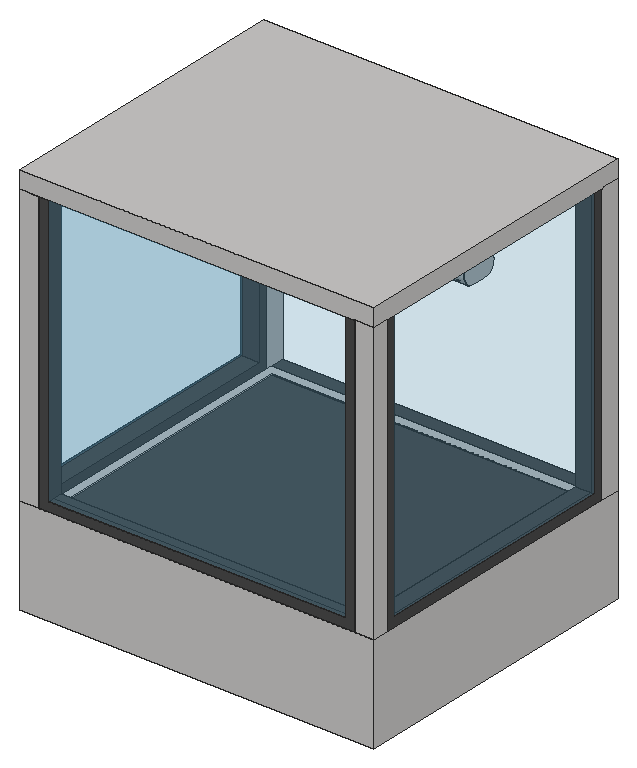
Revit family "QF_FESTIVE_DHD7", category Specialty Equipment, Revit 2020
Family settings
  Round Connector Dimension = Use Diameter
  Part Type = Normal
  Work Plane-Based = No
  Always vertical = Yes
  Cut with Voids When Loaded = No
  Shared = No
  Room Calculation Point = No
Parameters (values of type "DHD7")
  Weight in Pounds = 0
  Watts = if(Phase = 3, Volts * FL Amps * 1.73, Volts * FL Amps)  # 1078 W
  Volts = 220 V
  URL Cutsheet = ""
  Specification by User = ""
  Specification by Manufacturer = ""
  Serial Number = ""
  Seismic Rating = ""
  SMACNA No = ""
  Revision Code = ""
  Phase = 1
  Number of Poles = 1
  NAFEM Spec ID Number = ""
  Model = "DHD7"
  Min Ckt Ampacity = 0 A
  Max Overcurrent Protection = 0 A
  Masterspec = ""
  Manufacturer = "FESTIVE"
  Light Length [instance] = Length - 70 mm  # 675 mm
  Length = 745 mm
  Item Number = ""
  Installed By = ""
  Identify Quantity as Lot = yes
  Height = 830 mm
  HP = ""
  Furnished By = ""
  Foodservice Equipment Identifier = yes
  FL Amps = 4.9 A
  Electrical Remarks = ""
  Electric Connection Type = ""
  Elec Conn RI Height = 0 mm
  Elec Conn Connection Height = 0 mm
  Door Length [instance] = if(Length > 1069 mm, (Length / 2) - 80 mm, Length - 80 mm)  # 665 mm
  Description = "DEVON: HOT DECK"
  Depth = 640 mm
  Default Elevation = 0 mm
  Cycle = 50 Hz
  Conn Plug = ""
  Conn Conduit = yes
  Center Post Assembly [instance] = Length > 1069 mm  # no
  CSI MasterFormat = ""
  Apparent Power = if(Phase = 3, Volts * FL Amps * 1.73, Volts * FL Amps)  # 1078 VA
Reference planes
  plane 1 "BACK": y = 0
  plane 2: z = 0
  plane 3 "LEFT": x = 0
  plane 4 "RIGHT": x = 745
  plane 5 "FRONT": y = -640
  plane 6 "TOP": z = 830
  plane 7 "Center Y": x = 372.5
  plane 8 "Center X": y = -320
  plane 9: z = 205
Forms (mm)
  Extrusion 1, solid, material "QF_Metal - Stainless - Satin"
    sketch origin (0, 0, 0) x (0, 1, 0) y (0, 0, 1)
      loop
        line (0, 205) -> (-640, 205) -> (-640, 0) -> (0, 0) -> (0, 205)
    from 0 to 745
  Extrusion 2, solid, material "QF_Metal - Stainless - Satin"
    sketch origin (0, 0, 0) x (0, 1, 0) y (0, 0, 1)
      loop
        line (0, 793) -> (0, 830) -> (-640, 830) -> (-640, 793) -> (0, 793)
    from 0 to 745
  Extrusion 3, solid, material "QF_Metal - Stainless - Satin"
    sketch origin (0, 0, 0) x (0, 1, 0) y (0, 0, 1)
      loop
        line (0, 793) -> (-40.1, 793) -> (-40.1, 205) -> (0, 205) -> (0, 793)
    from 0 to 40.1
  Extrusion 4, solid, material "QF_Metal - Stainless - Satin"
    sketch origin (0, 0, 0) x (0, 1, 0) y (0, 0, 1)
      loop
        line (-608, 793) -> (-640, 793) -> (-640, 205) -> (-608, 205) -> (-608, 793)
    from 0 to 40.1
  Extrusion 5, solid, material "QF_Plastic - Black - Smooth"
    sketch origin (0, -640, 205) x (0, 0, -1) y (1, 0, 0)
      loop
        line (-588, 40.1) -> (0, 40.1) -> (0, 704.9) -> (-588, 704.9) -> (-588, 684.9) -> (-20, 684.9) -> (-20, 60.1) -> (-588, 60.1) -> (-588, 40.1)
    from 0 to -32
  Extrusion 6, solid, material "Glass"
    sketch origin (0, -640, 205) x (0, 0, -1) y (1, 0, 0)
      loop
        line (-588, 60.1) -> (-20, 60.1) -> (-20, 684.9) -> (-588, 684.9) -> (-588, 60.1)
    from 0 to -10
  Extrusion 7, solid, material "QF_Plastic - Black - Smooth"
    sketch origin (0, 0, 0) x (0, -1, 0) y (0, 0, 1)
      loop
        line (40.1, 793) -> (40.1, 205) -> (608, 205) -> (608, 793) -> (588, 793) -> (588, 225) -> (60.1, 225) -> (60.1, 793) -> (40.1, 793)
    from 0 to -40.1
  Extrusion 8, solid, material "QF_Plastic - Black - Smooth"
    sketch origin (745, 0, 0) x (0, -1, 0) y (0, 0, 1)
      loop
        line (40.1, 793) -> (40.1, 205) -> (608, 205) -> (608, 793) -> (588, 793) -> (588, 225) -> (60.1, 225) -> (60.1, 793) -> (40.1, 793)
    from 0 to 39.9
  Extrusion 9, solid, material "Glass"
    sketch origin (745, 0, 0) x (0, -1, 0) y (0, 0, 1)
      loop
        line (588, 793) -> (60.1, 793) -> (60.1, 225) -> (588, 225) -> (588, 793)
    from 0 to 5.1
  Extrusion 10, solid, material "Glass"
    sketch origin (0, 0, 0) x (0, 1, 0) y (0, 0, -1)
      loop
        line (-588, -793) -> (-60.1, -793) -> (-60.1, -225) -> (-588, -225) -> (-588, -793)
    from 0 to -5.1
  Extrusion 11, solid, material "QF_Metal - Stainless - Satin"
    sketch origin (0, -608, 205) x (1, 0, 0) y (0, -1, 0)
      loop
        line (40.1, -576) -> (704.9, -576) -> (704.9, 0) -> (40.1, 0) -> (40.1, -576)
      loop
        line (60.1, -556) -> (684.9, -556) -> (684.9, -20) -> (60.1, -20) -> (60.1, -556)
    from 0 to -2
  Extrusion 12, solid
    sketch origin (0, 0, 201.118) x (0, 0, 1) y (1, 0, 0)
      loop
        circle (-171.118, 56) r 10
    from 0 to 3.2
  Extrusion 13, solid, material "QF_Metal - Stainless - Satin"
    sketch origin (-325, 0, 201.118) x (0, 0, 1) y (1, 0, 0)
      loop
        line (-78.018, 922.5) -> (-196.118, 922.5) -> (-196.118, 472.5) -> (-78.018, 472.5) -> (-78.018, 922.5)
      loop
        line (-135.768, 586.65) -> (-135.768, 660.65)
        arc (-135.768, 660.65) -> (-154.018, 664.14) -> (-172.268, 660.65) r 49.458
        line (-172.268, 660.65) -> (-172.268, 586.65)
        arc (-172.268, 586.65) -> (-154.018, 583.131) -> (-135.768, 586.65) r 49.084
    from 0 to 1.5
  Extrusion 14, solid
    sketch origin (-346.25, 1.5, 201.118) x (0, 0, 1) y (1, 0, 0)
      loop
        line (-137.993, 589.375) -> (-169.993, 589.375) -> (-169.993, 575.375) -> (-137.993, 575.375) -> (-137.993, 589.375)
      loop
        line (-165.993, 586.375) -> (-165.993, 578.375) -> (-141.993, 578.375) -> (-141.993, 586.375) -> (-165.993, 586.375)
      loop
        line (-137.993, 558.95) -> (-169.993, 558.95) -> (-169.993, 544.95) -> (-137.993, 544.95) -> (-137.993, 558.95)
      loop
        line (-165.993, 555.95) -> (-165.993, 547.95) -> (-141.993, 547.95) -> (-141.993, 555.95) -> (-165.993, 555.95)
    from 0 to 1.5
  Extrusion 15, solid, material "QF_Plastic - Red - Smooth"
    sketch origin (232.125, 1.5, 59.125) x (0, 0, -1) y (0, 1, 0)
      loop
        line (0, 1.5) -> (24, 1.5) -> (24, 6.5)
        arc (24, 6.5) -> (12.085, 4.325) -> (0, 3.53) r 105.571
        line (0, 3.53) -> (0, 1.5)
    from 0 to 8
  Extrusion 16, solid, material "QF_Plastic - Black - Smooth"
    sketch origin (-26.6, 1.5, 155.795) x (0, 0, 1) y (1, 0, 0)
      loop
        arc (-90.445, 362.25) -> (-108.695, 365.858) -> (-126.945, 362.25) r 47.955
        line (-126.945, 362.25) -> (-126.945, 288.25)
        arc (-126.945, 288.25) -> (-108.695, 284.642) -> (-90.445, 288.25) r 47.955
        line (-90.445, 288.25) -> (-90.445, 362.25)
    from 0 to 1.5
  Extrusion 17, solid, material "QF_Plastic - Red - Smooth"
    sketch origin (201.7, 1.5, 59.125) x (0, 0, -1) y (0, 1, 0)
      loop
        line (0, 1.5) -> (24, 1.5) -> (24, 6.5)
        arc (24, 6.5) -> (12.085, 4.325) -> (0, 3.53) r 105.571
        line (0, 3.53) -> (0, 1.5)
    from 0 to 8
  Extrusion 18, solid, material "QF_Metal - Stainless - Satin", not visible
    sketch origin (-325, 0, 201.118) x (0, 0, 1) y (1, 0, 0)
      loop
        line (-78.018, 922.5) -> (-196.118, 922.5) -> (-196.118, 472.5) -> (-78.018, 472.5) -> (-78.018, 922.5)
      loop
        line (-135.768, 586.65) -> (-135.768, 660.65)
        arc (-135.768, 660.65) -> (-154.018, 664.14) -> (-172.268, 660.65) r 49.458
        line (-172.268, 660.65) -> (-172.268, 586.65)
        arc (-172.268, 586.65) -> (-154.018, 583.131) -> (-135.768, 586.65) r 49.084
    from 0 to 1.5
  Extrusion 19, solid, not visible
    sketch origin (-346.25, 1.5, 201.118) x (0, 0, 1) y (1, 0, 0)
      loop
        line (-137.993, 589.375) -> (-169.993, 589.375) -> (-169.993, 575.375) -> (-137.993, 575.375) -> (-137.993, 589.375)
      loop
        line (-165.993, 586.375) -> (-165.993, 578.375) -> (-141.993, 578.375) -> (-141.993, 586.375) -> (-165.993, 586.375)
      loop
        line (-137.993, 558.95) -> (-169.993, 558.95) -> (-169.993, 544.95) -> (-137.993, 544.95) -> (-137.993, 558.95)
      loop
        line (-165.993, 555.95) -> (-165.993, 547.95) -> (-141.993, 547.95) -> (-141.993, 555.95) -> (-165.993, 555.95)
    from 0 to 1.5
  Extrusion 20, solid, material "QF_Plastic - Red - Smooth", not visible
    sketch origin (232.125, 1.5, 59.125) x (0, 0, -1) y (0, 1, 0)
      loop
        line (0, 1.5) -> (24, 1.5) -> (24, 6.5)
        arc (24, 6.5) -> (12.085, 4.325) -> (0, 3.53) r 105.571
        line (0, 3.53) -> (0, 1.5)
    from 0 to 8
  Extrusion 21, solid, material "QF_Plastic - Black - Smooth", not visible
    sketch origin (-26.6, 1.5, 155.795) x (0, 0, 1) y (1, 0, 0)
      loop
        arc (-90.445, 362.25) -> (-108.695, 365.858) -> (-126.945, 362.25) r 47.955
        line (-126.945, 362.25) -> (-126.945, 288.25)
        arc (-126.945, 288.25) -> (-108.695, 284.642) -> (-90.445, 288.25) r 47.955
        line (-90.445, 288.25) -> (-90.445, 362.25)
    from 0 to 1.5
  Extrusion 22, solid, material "QF_Plastic - Red - Smooth", not visible
    sketch origin (201.7, 1.5, 59.125) x (0, 0, -1) y (0, 1, 0)
      loop
        line (0, 1.5) -> (24, 1.5) -> (24, 6.5)
        arc (24, 6.5) -> (12.085, 4.325) -> (0, 3.53) r 105.571
        line (0, 3.53) -> (0, 1.5)
    from 0 to 8
  Extrusion 23, solid, material "QF_Metal - Stainless - Satin"
    sketch origin (745, 0, 0) x (0, -1, 0) y (0, 0, 1)
      loop
        line (0, 793) -> (0, 205) -> (40.1, 205) -> (40.1, 793) -> (0, 793)
    from 0 to 39.9
  Extrusion 24, solid, material "QF_Metal - Stainless - Satin"
    sketch origin (745, 0, 0) x (0, -1, 0) y (0, 0, 1)
      loop
        line (608, 793) -> (608, 205) -> (640, 205) -> (640, 793) -> (608, 793)
    from 0 to 39.9
Lines and regions (mm)
  Split face 1
    outline origin (-26.6, 3, 155.795) x (0, 0, 1) y (1, 0, 0)
      loop
        arc (-93.945, 353.493) -> (-108.685, 356.848) -> (-123.425, 353.493) r 34.06
        line (-123.425, 353.493) -> (-123.425, 314) -> (-93.945, 314) -> (-93.945, 353.493)
  Split face 2, not visible
    outline origin (-26.6, 3, 155.795) x (0, 0, 1) y (1, 0, 0)
      loop
        arc (-93.945, 353.493) -> (-108.685, 356.848) -> (-123.425, 353.493) r 34.06
        line (-123.425, 353.493) -> (-123.425, 314) -> (-93.945, 314) -> (-93.945, 353.493)
  symbolic lines
    curve 1: line (0, 0, 0) -> (745, 0, 0)
    curve 2: line (0, -640, 0) -> (0, 0, 0)
    curve 3: line (745, -640, 0) -> (0, -640, 0)
    curve 4: line (745, 0, 0) -> (745, -640, 0)
Dimensions and locks
  equal spacing: plane 3 "LEFT", plane 7 "Center Y", plane 4 "RIGHT"
  "Length": plane 3 "LEFT" to plane 4 "RIGHT"
  equal spacing: plane 5 "FRONT", plane 8 "Center X", plane 1 "BACK"
  "Depth": plane 5 "FRONT" to plane 1 "BACK"
  "Height": plane 6 "TOP" to level
  plane 9 to plane 2 = 205 mm  (x2)
  plane 6 "TOP" to plane 9 = 625 mm  (x2)
  plane 1 "BACK" to plane 5 "FRONT" = 640 mm
  locked: Extrusion 13 to plane 7 "Center Y" at 225
  Extrusion 5 sketch curve to Extrusion 5 sketch curve to plane 4 "RIGHT" = 20 mm locked, 40.1 mm locked
  Extrusion 11 sketch curve to Extrusion 11 sketch curve to plane 4 "RIGHT" = 20 mm locked, 40.1 mm locked
  plane 3 "LEFT" to plane 4 "RIGHT" = 745 mm
  locked: nested 1 to plane 3 "LEFT" at 35
  aligned and locked: level to plane 2
  aligned and locked: Extrusion 2 to plane 4 "RIGHT"
  aligned and locked: Extrusion 1 to plane 4 "RIGHT"
Automatic sketch dimensions
  Extrusion 13 sketch curve to Extrusion 13 sketch curve = 18.25 mm  (x2)
  Extrusion 13 sketch curve to Extrusion 13 sketch curve = 0 mm
  Extrusion 13 sketch curve to Extrusion 13 sketch curve = 28.032 mm
  Extrusion 13 sketch curve to Extrusion 13 sketch curve = 17.533 mm
  Extrusion 13 sketch curve to Extrusion 13 sketch curve = 28.435 mm
  Extrusion 13 to Extrusion 14 sketch curve = 2.275 mm  (x2)
  Extrusion 14 sketch curve to Extrusion 14 sketch curve = 4 mm  (x2)
  Extrusion 13 to Extrusion 14 sketch curve = 6.225 mm  (x2)
  Extrusion 13 to Extrusion 14 sketch curve = 2.225 mm  (x2)
  Extrusion 14 sketch curve to Extrusion 13 = 51.2 mm
  Extrusion 14 sketch curve to Extrusion 14 sketch curve = 3 mm  (x4)
  Extrusion 14 sketch curve to Extrusion 14 sketch curve = 8 mm  (x2)
  Extrusion 14 sketch curve to Extrusion 14 sketch curve = 16.425 mm
  Extrusion 14 to Extrusion 15 sketch curve = 0 mm  (x2)
  Extrusion 15 sketch curve to Extrusion 14 = 0 mm
  Extrusion 15 sketch curve to Extrusion 14 = 0.881 mm
  Extrusion 15 sketch curve to Extrusion 14 = 2.03 mm
  Extrusion 15 sketch curve to Extrusion 14 = 5 mm
  Extrusion 16 sketch curve to Extrusion 16 sketch curve = 18.25 mm  (x2)
  Extrusion 16 sketch curve to Extrusion 16 sketch curve = 0 mm
  Extrusion 16 sketch curve to Extrusion 16 sketch curve = 29.654 mm  (x2)
  Extrusion 16 sketch curve to Extrusion 16 sketch curve = 14.693 mm
  Split face 1 sketch curve to Extrusion 16 = 3.52 mm
  Split face 1 sketch curve to Split face 1 sketch curve = 14.74 mm
  Split face 1 sketch curve to Extrusion 16 = 3.5 mm
  Split face 1 sketch curve to Split face 1 sketch curve = 8.787 mm
  Split face 1 sketch curve to Split face 1 sketch curve = 30.706 mm
  Extrusion 17 sketch curve to Extrusion 17 sketch curve = 24 mm
  Extrusion 17 sketch curve to Extrusion 17 sketch curve = 2.03 mm
  Extrusion 17 sketch curve to Extrusion 17 sketch curve = 5 mm
  Extrusion 13 sketch curve to Extrusion 13 sketch curve = 23.85 mm
  Extrusion 13 sketch curve to Extrusion 13 sketch curve = 118.1 mm
  Extrusion 13 sketch curve to Extrusion 13 sketch curve = 114.15 mm
  Extrusion 13 sketch curve to Extrusion 13 sketch curve = 261.85 mm
  Extrusion 17 sketch curve to Extrusion 17 sketch curve = 0.881 mm
  Extrusion 18 sketch curve to Extrusion 18 sketch curve = 18.25 mm  (x2)
  Extrusion 18 sketch curve to Extrusion 18 sketch curve = 0 mm
  Extrusion 18 sketch curve to Extrusion 18 sketch curve = 28.032 mm
  Extrusion 18 sketch curve to Extrusion 18 sketch curve = 17.533 mm
  Extrusion 18 sketch curve to Extrusion 18 sketch curve = 28.435 mm
  Extrusion 18 to Extrusion 19 sketch curve = 2.275 mm  (x2)
  Extrusion 19 sketch curve to Extrusion 19 sketch curve = 4 mm  (x2)
  Extrusion 18 to Extrusion 19 sketch curve = 6.225 mm  (x2)
  Extrusion 18 to Extrusion 19 sketch curve = 2.225 mm  (x2)
  Extrusion 19 sketch curve to Extrusion 18 = 51.2 mm
  Extrusion 19 sketch curve to Extrusion 19 sketch curve = 3 mm  (x4)
  Extrusion 19 sketch curve to Extrusion 19 sketch curve = 8 mm  (x2)
  Extrusion 19 sketch curve to Extrusion 19 sketch curve = 16.425 mm
  Extrusion 19 to Extrusion 20 sketch curve = 0 mm  (x2)
  Extrusion 20 sketch curve to Extrusion 19 = 0 mm
  Extrusion 20 sketch curve to Extrusion 19 = 0.881 mm
  Extrusion 20 sketch curve to Extrusion 19 = 2.03 mm
  Extrusion 20 sketch curve to Extrusion 19 = 5 mm
  Extrusion 21 sketch curve to Extrusion 21 sketch curve = 18.25 mm  (x2)
  Extrusion 21 sketch curve to Extrusion 21 sketch curve = 0 mm
  Extrusion 21 sketch curve to Extrusion 21 sketch curve = 29.654 mm  (x2)
  Extrusion 21 sketch curve to Extrusion 21 sketch curve = 14.693 mm
  Split face 2 sketch curve to Extrusion 21 = 3.52 mm
  Split face 2 sketch curve to Split face 2 sketch curve = 14.74 mm
  Split face 2 sketch curve to Extrusion 21 = 3.5 mm
  Split face 2 sketch curve to Split face 2 sketch curve = 8.787 mm
  Split face 2 sketch curve to Split face 2 sketch curve = 30.706 mm
  Extrusion 22 sketch curve to Extrusion 22 sketch curve = 24 mm
  Extrusion 22 sketch curve to Extrusion 22 sketch curve = 2.03 mm
  Extrusion 22 sketch curve to Extrusion 22 sketch curve = 5 mm
  Extrusion 18 sketch curve to Extrusion 18 sketch curve = 23.85 mm
  Extrusion 18 sketch curve to Extrusion 18 sketch curve = 118.1 mm
  Extrusion 18 sketch curve to Extrusion 18 sketch curve = 114.15 mm
  Extrusion 18 sketch curve to Extrusion 18 sketch curve = 261.85 mm
  Extrusion 22 sketch curve to Extrusion 22 sketch curve = 0.881 mm
  curve 3 to plane 3 "LEFT" = 0 mm
  curve 3 to plane 4 "RIGHT" = 0 mm
  plane 5 "FRONT" to curve 3 = 0 mm
  plane 1 "BACK" to curve 2 = 0 mm
  Extrusion 1 sketch curve to plane 5 "FRONT" = 0 mm
  Extrusion 1 sketch curve to level = 0 mm
  Extrusion 1 sketch curve to plane 1 "BACK" = 0 mm
  Extrusion 1 sketch curve to plane 9 = 0 mm
  Extrusion 2 sketch curve to plane 5 "FRONT" = 0 mm
  Extrusion 2 sketch curve to plane 1 "BACK" = 0 mm
  Extrusion 2 sketch curve to plane 6 "TOP" = 0 mm
  Extrusion 2 sketch curve to plane 6 "TOP" = 37 mm
  Extrusion 3 sketch curve to plane 9 = 0 mm
  Extrusion 3 sketch curve to plane 1 "BACK" = 0 mm
  Extrusion 3 sketch curve to Extrusion 3 sketch curve = 40.1 mm
  Extrusion 3 sketch curve to plane 6 "TOP" = 37 mm
  Extrusion 4 sketch curve to plane 5 "FRONT" = 0 mm
  Extrusion 4 sketch curve to plane 9 = 0 mm
  Extrusion 4 sketch curve to plane 5 "FRONT" = 32 mm
  Extrusion 4 sketch curve to plane 6 "TOP" = 37 mm
  Extrusion 5 sketch curve to Extrusion 1 = 0 mm
  Extrusion 1 to Extrusion 5 sketch curve = 20 mm
  Extrusion 1 to Extrusion 5 sketch curve = 40.1 mm
  Extrusion 5 sketch curve to Extrusion 5 sketch curve = 568 mm  (x2)
  Extrusion 5 sketch curve to Extrusion 5 sketch curve = 20 mm
  Extrusion 1 to Extrusion 6 sketch curve = 60.1 mm  (x2)
  Extrusion 1 to Extrusion 6 sketch curve = 588 mm
  Extrusion 1 to Extrusion 6 sketch curve = 20 mm
  Extrusion 3 to Extrusion 7 sketch curve = 0 mm  (x3)
  Extrusion 7 sketch curve to Extrusion 3 = 0 mm
  Extrusion 3 to Extrusion 7 sketch curve = 20 mm
  Extrusion 7 sketch curve to Extrusion 3 = 20 mm
  Extrusion 7 sketch curve to Extrusion 7 sketch curve = 527.9 mm
  Extrusion 7 sketch curve to Extrusion 7 sketch curve = 20 mm
  Extrusion 8 sketch curve to plane 9 = 0 mm
  plane 1 "BACK" to Extrusion 8 sketch curve = 40.1 mm
  Extrusion 8 sketch curve to Extrusion 8 sketch curve = 20 mm  (x2)
  plane 9 to Extrusion 8 sketch curve = 20 mm
  Extrusion 8 sketch curve to plane 5 "FRONT" = 52 mm
  Extrusion 8 sketch curve to plane 6 "TOP" = 37 mm  (x2)
  plane 1 "BACK" to Extrusion 9 sketch curve = 60.1 mm
  plane 9 to Extrusion 9 sketch curve = 20 mm
  Extrusion 9 sketch curve to plane 5 "FRONT" = 52 mm
  Extrusion 9 sketch curve to plane 6 "TOP" = 37 mm
  plane 9 to Extrusion 10 sketch curve = 20 mm
  Extrusion 10 sketch curve to plane 5 "FRONT" = 52 mm
  plane 1 "BACK" to Extrusion 10 sketch curve = 60.1 mm
  Extrusion 10 sketch curve to plane 6 "TOP" = 37 mm
  Extrusion 11 sketch curve to Extrusion 7 = 0 mm  (x2)
  Extrusion 7 to Extrusion 11 sketch curve = 20 mm  (x2)
  Extrusion 11 sketch curve to Extrusion 7 = 11.9 mm
  Extrusion 7 to Extrusion 11 sketch curve = 8.1 mm
  level to Extrusion 12 sketch curve = 30 mm
  plane 3 "LEFT" to Extrusion 12 sketch curve = 56 mm
  Extrusion 23 sketch curve to plane 1 "BACK" = 0 mm
  Extrusion 23 sketch curve to plane 9 = 0 mm
  Extrusion 23 sketch curve to Extrusion 23 sketch curve = 40.1 mm
  Extrusion 23 sketch curve to plane 6 "TOP" = 37 mm
  Extrusion 24 sketch curve to plane 9 = 0 mm
  Extrusion 24 sketch curve to plane 5 "FRONT" = 0 mm
  Extrusion 24 sketch curve to plane 5 "FRONT" = 32 mm
  Extrusion 24 sketch curve to plane 6 "TOP" = 37 mm
  radius of Extrusion 12 sketch curve = 10 mm
Nested families
  nested 1: "LIGHTS" at (35, -282.344, 0), type "LIGHTS"
Connectors
  electrical at (56, 3.2, 30), driven by "Volts", driven by "Watts"
    settings: on Extrusion 12, index 1, voltage 220 V, apparent load 1078 VA, apparent load phase1 0 VA, apparent load phase2 0 VA, apparent load phase3 0 VA, power factor 1, load classification "Other", number of poles 1, system type 30, power factor state 1, is connector primary yes, connector utility no, sub classification motor no, connector description "ELECTRICAL CONNECTION"
Definition of nested family "LIGHTS"
  Parameters (values of type "LIGHTS")
    Weight in Pounds = 0
    Watts = if(Phase = 3, Volts * FL Amps * 1.73, Volts * FL Amps)  # 1078 W
    Volts = 220 V
    URL Cutsheet = ""
    Specification by User = ""
    Specification by Manufacturer = ""
    Serial Number = ""
    Seismic Rating = ""
    SMACNA No = ""
    Revision Code = ""
    Phase = 1
    Number of Poles = 1
    NAFEM Spec ID Number = ""
    Model = "DHD7"
    Min Ckt Ampacity = 0 A
    Max Overcurrent Protection = 0 A
    Masterspec = ""
    Manufacturer = "FESTIVE"
    Length = 675 mm
    Item Number = ""
    Installed By = ""
    Identify Quantity as Lot = yes
    Height = 830 mm
    HP = ""
    Furnished By = ""
    Foodservice Equipment Identifier = yes
    FL Amps = 4.9 A  # constant formula
    Electrical Remarks = ""
    Electric Connection Type = ""
    Elec Conn RI Height = 0 mm
    Elec Conn Connection Height = 0 mm
    Description = "DEVON: HOT DECK"
    Depth = 75.193 mm
    Default Elevation = 0 mm
    Cycle = 50 Hz
    Conn Plug = ""
    Conn Conduit = yes
    CSI MasterFormat = ""
    Apparent Power = if(Phase = 3, Volts * FL Amps * 1.73, Volts * FL Amps)  # 1078 VA
  Reference planes
    plane 1 "BACK": y = 0
    plane 2: z = 0
    plane 3 "LEFT": x = 0
    plane 4 "RIGHT": x = 675
    plane 5 "FRONT": y = -75.193
    plane 6 "TOP": z = 830
    plane 7 "Center Y": x = 337.5
    plane 8 "Center X": y = -37.596
    plane 9: z = 205
    plane 10: x = 464.5
    plane 11: x = 210.5
  Forms (mm)
    Extrusion 1, solid
      sketch origin (-60.1, 282.404, 0) x (0, 1, 0) y (0, 0, 1)
        loop
          arc (-295, 792.076) -> (-295.856, 794.144) -> (-297.924, 795) r 2.924
          line (-297.924, 795) -> (-342.076, 795)
          arc (-342.076, 795) -> (-344.144, 794.144) -> (-345, 792.076) r 2.924
          line (-345, 792.076) -> (-345, 776.085)
          arc (-345, 776.085) -> (-357.596, 753.232) -> (-345, 730.378) r 27.029
          arc (-345, 730.378) -> (-320, 727.581) -> (-295, 730.378) r 113.108
          arc (-295, 730.378) -> (-282.404, 753.232) -> (-295, 776.085) r 27.029
          line (-295, 776.085) -> (-295, 792.076)
        loop
          arc (-298.5, 786) -> (-298.793, 786.707) -> (-299.5, 787) r 1
          line (-299.5, 787) -> (-301.5, 787)
          arc (-301.5, 787) -> (-302.207, 786.707) -> (-302.5, 786) r 1
          line (-302.5, 786) -> (-302.5, 774)
          arc (-302.5, 774) -> (-302.207, 773.293) -> (-301.5, 773) r 1
          line (-301.5, 773) -> (-299.5, 773)
          arc (-299.5, 773) -> (-298.793, 773.293) -> (-298.5, 774) r 1
          line (-298.5, 774) -> (-298.5, 786)
        loop
          arc (-305, 786) -> (-305.293, 786.707) -> (-306, 787) r 1
          line (-306, 787) -> (-308, 787)
          arc (-308, 787) -> (-308.707, 786.707) -> (-309, 786) r 1
          line (-309, 786) -> (-309, 774)
          arc (-309, 774) -> (-308.707, 773.293) -> (-308, 773) r 1
          line (-308, 773) -> (-306, 773)
          arc (-306, 773) -> (-305.293, 773.293) -> (-305, 774) r 1
          line (-305, 774) -> (-305, 786)
        loop
          arc (-311.5, 786) -> (-311.793, 786.707) -> (-312.5, 787) r 1
          line (-312.5, 787) -> (-314.5, 787)
          arc (-314.5, 787) -> (-315.207, 786.707) -> (-315.5, 786) r 1
          line (-315.5, 786) -> (-315.5, 774)
          arc (-315.5, 774) -> (-315.207, 773.293) -> (-314.5, 773) r 1
          line (-314.5, 773) -> (-312.5, 773)
          arc (-312.5, 773) -> (-311.793, 773.293) -> (-311.5, 774) r 1
          line (-311.5, 774) -> (-311.5, 786)
        loop
          arc (-318, 786) -> (-318.293, 786.707) -> (-319, 787) r 1
          line (-319, 787) -> (-321, 787)
          arc (-321, 787) -> (-321.707, 786.707) -> (-322, 786) r 1
          line (-322, 786) -> (-322, 774)
          arc (-322, 774) -> (-321.707, 773.293) -> (-321, 773) r 1
          line (-321, 773) -> (-319, 773)
          arc (-319, 773) -> (-318.293, 773.293) -> (-318, 774) r 1
          line (-318, 774) -> (-318, 786)
        loop
          arc (-324.5, 786) -> (-324.793, 786.707) -> (-325.5, 787) r 1
          line (-325.5, 787) -> (-327.5, 787)
          arc (-327.5, 787) -> (-328.207, 786.707) -> (-328.5, 786) r 1
          line (-328.5, 786) -> (-328.5, 774)
          arc (-328.5, 774) -> (-328.207, 773.293) -> (-327.5, 773) r 1
          line (-327.5, 773) -> (-325.5, 773)
          arc (-325.5, 773) -> (-324.793, 773.293) -> (-324.5, 774) r 1
          line (-324.5, 774) -> (-324.5, 786)
        loop
          arc (-331, 786) -> (-331.293, 786.707) -> (-332, 787) r 1
          line (-332, 787) -> (-334, 787)
          arc (-334, 787) -> (-334.707, 786.707) -> (-335, 786) r 1
          line (-335, 786) -> (-335, 774)
          arc (-335, 774) -> (-334.707, 773.293) -> (-334, 773) r 1
          line (-334, 773) -> (-332, 773)
          arc (-332, 773) -> (-331.293, 773.293) -> (-331, 774) r 1
          line (-331, 774) -> (-331, 786)
        loop
          arc (-337.5, 786) -> (-337.793, 786.707) -> (-338.5, 787) r 1
          line (-338.5, 787) -> (-340.5, 787)
          arc (-340.5, 787) -> (-341.207, 786.707) -> (-341.5, 786) r 1
          line (-341.5, 786) -> (-341.5, 774)
          arc (-341.5, 774) -> (-341.207, 773.293) -> (-340.5, 773) r 1
          line (-340.5, 773) -> (-338.5, 773)
          arc (-338.5, 773) -> (-337.793, 773.293) -> (-337.5, 774) r 1
          line (-337.5, 774) -> (-337.5, 786)
      from 60.1 to 62
    Extrusion 2, solid
      sketch origin (1.9, 282.404, 0) x (0, 1, 0) y (0, 0, 1)
        loop
          arc (-295, 792.076) -> (-295.856, 794.144) -> (-297.924, 795) r 2.924
          line (-297.924, 795) -> (-342.076, 795)
          arc (-342.076, 795) -> (-344.144, 794.144) -> (-345, 792.076) r 2.924
          line (-345, 792.076) -> (-345, 776.085)
          arc (-345, 776.085) -> (-357.596, 753.232) -> (-345, 730.378) r 27.029
          line (-345, 730.378) -> (-344.466, 731.224)
          arc (-344.466, 731.224) -> (-356.596, 753.232) -> (-344.466, 775.239) r 26.029
          line (-344.466, 775.239) -> (-295.534, 775.239)
          arc (-295.534, 775.239) -> (-283.404, 753.232) -> (-295.534, 731.224) r 26.029
          line (-295.534, 731.224) -> (-295, 730.378)
          arc (-295, 730.378) -> (-282.404, 753.232) -> (-295, 776.085) r 27.029
          line (-295, 776.085) -> (-295, 792.076)
      from 0 to 671.1
    Extrusion 3, solid
      sketch origin (1.9, 282.404, 0) x (0, 1, 0) y (0, 0, 1)
        loop
          line (-295.534, 775.239) -> (-344.466, 775.239)
          arc (-344.466, 775.239) -> (-356.596, 753.232) -> (-344.466, 731.224) r 26.029
          line (-344.466, 731.224) -> (-295.534, 731.224)
          arc (-295.534, 731.224) -> (-283.404, 753.232) -> (-295.534, 775.239) r 26.029
      from 0 to 208.6
    Extrusion 4, solid
      sketch origin (286.9, 282.404, 0) x (0, 1, 0) y (0, 0, 1)
        loop
          line (-295.534, 775.239) -> (-344.466, 775.239)
          arc (-344.466, 775.239) -> (-356.596, 753.232) -> (-344.466, 731.224) r 26.029
          line (-344.466, 731.224) -> (-295.534, 731.224)
          arc (-295.534, 731.224) -> (-283.404, 753.232) -> (-295.534, 775.239) r 26.029
      from 177.6 to 386.1
    Extrusion 5, solid
      sketch origin (431.4, 282.404, 0) x (0, 1, 0) y (0, 0, 1)
        loop
          circle (-320.06, 740.619) r 8.038
      from -220.9 to 33.1
    Extrusion 6, solid, not visible
      sketch origin (-325, 0, 201.118) x (0, 0, 1) y (1, 0, 0)
        loop
          line (-78.018, 922.5) -> (-196.118, 922.5) -> (-196.118, 472.5) -> (-78.018, 472.5) -> (-78.018, 922.5)
        loop
          line (-135.768, 586.65) -> (-135.768, 660.65)
          arc (-135.768, 660.65) -> (-154.018, 664.14) -> (-172.268, 660.65) r 49.458
          line (-172.268, 660.65) -> (-172.268, 586.65)
          arc (-172.268, 586.65) -> (-154.018, 583.131) -> (-135.768, 586.65) r 49.084
      from 0 to 1.5
    Extrusion 7, solid, not visible
      sketch origin (-346.25, 1.5, 201.118) x (0, 0, 1) y (1, 0, 0)
        loop
          line (-137.993, 589.375) -> (-169.993, 589.375) -> (-169.993, 575.375) -> (-137.993, 575.375) -> (-137.993, 589.375)
        loop
          line (-165.993, 586.375) -> (-165.993, 578.375) -> (-141.993, 578.375) -> (-141.993, 586.375) -> (-165.993, 586.375)
        loop
          line (-137.993, 558.95) -> (-169.993, 558.95) -> (-169.993, 544.95) -> (-137.993, 544.95) -> (-137.993, 558.95)
        loop
          line (-165.993, 555.95) -> (-165.993, 547.95) -> (-141.993, 547.95) -> (-141.993, 555.95) -> (-165.993, 555.95)
      from 0 to 1.5
    Extrusion 8, solid, not visible
      sketch origin (232.125, 1.5, 59.125) x (0, 0, -1) y (0, 1, 0)
        loop
          line (0, 1.5) -> (24, 1.5) -> (24, 6.5)
          arc (24, 6.5) -> (12.085, 4.325) -> (0, 3.53) r 105.571
          line (0, 3.53) -> (0, 1.5)
      from 0 to 8
    Extrusion 9, solid, not visible
      sketch origin (-26.6, 1.5, 155.795) x (0, 0, 1) y (1, 0, 0)
        loop
          arc (-90.445, 362.25) -> (-108.695, 365.858) -> (-126.945, 362.25) r 47.955
          line (-126.945, 362.25) -> (-126.945, 288.25)
          arc (-126.945, 288.25) -> (-108.695, 284.642) -> (-90.445, 288.25) r 47.955
          line (-90.445, 288.25) -> (-90.445, 362.25)
      from 0 to 1.5
    Extrusion 10, solid, not visible
      sketch origin (201.7, 1.5, 59.125) x (0, 0, -1) y (0, 1, 0)
        loop
          line (0, 1.5) -> (24, 1.5) -> (24, 6.5)
          arc (24, 6.5) -> (12.085, 4.325) -> (0, 3.53) r 105.571
          line (0, 3.53) -> (0, 1.5)
      from 0 to 8
    Extrusion 11, solid, not visible
      sketch origin (1070, 0, 0) x (0, 1, 0) y (0, 0, -1)
        loop
          line (-295, -792.076) -> (-295, -776.085)
          arc (-295, -776.085) -> (-282.404, -753.232) -> (-295, -730.378) r 27.029
          arc (-295, -730.378) -> (-320, -727.581) -> (-345, -730.378) r 113.108
          arc (-345, -730.378) -> (-357.596, -753.232) -> (-345, -776.085) r 27.029
          line (-345, -776.085) -> (-345, -792.076)
          arc (-345, -792.076) -> (-344.144, -794.144) -> (-342.076, -795) r 2.924
          line (-342.076, -795) -> (-297.924, -795)
          arc (-297.924, -795) -> (-295.856, -794.144) -> (-295, -792.076) r 2.924
        loop
          line (-298.5, -786) -> (-298.5, -774)
          arc (-298.5, -774) -> (-298.793, -773.293) -> (-299.5, -773) r 1
          line (-299.5, -773) -> (-301.5, -773)
          arc (-301.5, -773) -> (-302.207, -773.293) -> (-302.5, -774) r 1
          line (-302.5, -774) -> (-302.5, -786)
          arc (-302.5, -786) -> (-302.207, -786.707) -> (-301.5, -787) r 1
          line (-301.5, -787) -> (-299.5, -787)
          arc (-299.5, -787) -> (-298.793, -786.707) -> (-298.5, -786) r 1
        loop
          line (-305, -786) -> (-305, -774)
          arc (-305, -774) -> (-305.293, -773.293) -> (-306, -773) r 1
          line (-306, -773) -> (-308, -773)
          arc (-308, -773) -> (-308.707, -773.293) -> (-309, -774) r 1
          line (-309, -774) -> (-309, -786)
          arc (-309, -786) -> (-308.707, -786.707) -> (-308, -787) r 1
          line (-308, -787) -> (-306, -787)
          arc (-306, -787) -> (-305.293, -786.707) -> (-305, -786) r 1
        loop
          line (-311.5, -786) -> (-311.5, -774)
          arc (-311.5, -774) -> (-311.793, -773.293) -> (-312.5, -773) r 1
          line (-312.5, -773) -> (-314.5, -773)
          arc (-314.5, -773) -> (-315.207, -773.293) -> (-315.5, -774) r 1
          line (-315.5, -774) -> (-315.5, -786)
          arc (-315.5, -786) -> (-315.207, -786.707) -> (-314.5, -787) r 1
          line (-314.5, -787) -> (-312.5, -787)
          arc (-312.5, -787) -> (-311.793, -786.707) -> (-311.5, -786) r 1
        loop
          line (-318, -786) -> (-318, -774)
          arc (-318, -774) -> (-318.293, -773.293) -> (-319, -773) r 1
          line (-319, -773) -> (-321, -773)
          arc (-321, -773) -> (-321.707, -773.293) -> (-322, -774) r 1
          line (-322, -774) -> (-322, -786)
          arc (-322, -786) -> (-321.707, -786.707) -> (-321, -787) r 1
          line (-321, -787) -> (-319, -787)
          arc (-319, -787) -> (-318.293, -786.707) -> (-318, -786) r 1
        loop
          line (-324.5, -786) -> (-324.5, -774)
          arc (-324.5, -774) -> (-324.793, -773.293) -> (-325.5, -773) r 1
          line (-325.5, -773) -> (-327.5, -773)
          arc (-327.5, -773) -> (-328.207, -773.293) -> (-328.5, -774) r 1
          line (-328.5, -774) -> (-328.5, -786)
          arc (-328.5, -786) -> (-328.207, -786.707) -> (-327.5, -787) r 1
          line (-327.5, -787) -> (-325.5, -787)
          arc (-325.5, -787) -> (-324.793, -786.707) -> (-324.5, -786) r 1
        loop
          line (-331, -786) -> (-331, -774)
          arc (-331, -774) -> (-331.293, -773.293) -> (-332, -773) r 1
          line (-332, -773) -> (-334, -773)
          arc (-334, -773) -> (-334.707, -773.293) -> (-335, -774) r 1
          line (-335, -774) -> (-335, -786)
          arc (-335, -786) -> (-334.707, -786.707) -> (-334, -787) r 1
          line (-334, -787) -> (-332, -787)
          arc (-332, -787) -> (-331.293, -786.707) -> (-331, -786) r 1
        loop
          line (-337.5, -786) -> (-337.5, -774)
          arc (-337.5, -774) -> (-337.793, -773.293) -> (-338.5, -773) r 1
          line (-338.5, -773) -> (-340.5, -773)
          arc (-340.5, -773) -> (-341.207, -773.293) -> (-341.5, -774) r 1
          line (-341.5, -774) -> (-341.5, -786)
          arc (-341.5, -786) -> (-341.207, -786.707) -> (-340.5, -787) r 1
          line (-340.5, -787) -> (-338.5, -787)
          arc (-338.5, -787) -> (-337.793, -786.707) -> (-337.5, -786) r 1
      from 360 to 362
    Extrusion 12, solid, not visible
      sketch origin (-25.1, 0, 0) x (0, 1, 0) y (0, 0, 1)
        loop
          arc (-295, 792.076) -> (-295.856, 794.144) -> (-297.924, 795) r 2.924
          line (-297.924, 795) -> (-342.076, 795)
          arc (-342.076, 795) -> (-344.144, 794.144) -> (-345, 792.076) r 2.924
          line (-345, 792.076) -> (-345, 776.085)
          arc (-345, 776.085) -> (-357.596, 753.232) -> (-345, 730.378) r 27.029
          arc (-345, 730.378) -> (-320, 727.581) -> (-295, 730.378) r 113.108
          arc (-295, 730.378) -> (-282.404, 753.232) -> (-295, 776.085) r 27.029
          line (-295, 776.085) -> (-295, 792.076)
        loop
          arc (-298.5, 786) -> (-298.793, 786.707) -> (-299.5, 787) r 1
          line (-299.5, 787) -> (-301.5, 787)
          arc (-301.5, 787) -> (-302.207, 786.707) -> (-302.5, 786) r 1
          line (-302.5, 786) -> (-302.5, 774)
          arc (-302.5, 774) -> (-302.207, 773.293) -> (-301.5, 773) r 1
          line (-301.5, 773) -> (-299.5, 773)
          arc (-299.5, 773) -> (-298.793, 773.293) -> (-298.5, 774) r 1
          line (-298.5, 774) -> (-298.5, 786)
        loop
          arc (-305, 786) -> (-305.293, 786.707) -> (-306, 787) r 1
          line (-306, 787) -> (-308, 787)
          arc (-308, 787) -> (-308.707, 786.707) -> (-309, 786) r 1
          line (-309, 786) -> (-309, 774)
          arc (-309, 774) -> (-308.707, 773.293) -> (-308, 773) r 1
          line (-308, 773) -> (-306, 773)
          arc (-306, 773) -> (-305.293, 773.293) -> (-305, 774) r 1
          line (-305, 774) -> (-305, 786)
        loop
          arc (-311.5, 786) -> (-311.793, 786.707) -> (-312.5, 787) r 1
          line (-312.5, 787) -> (-314.5, 787)
          arc (-314.5, 787) -> (-315.207, 786.707) -> (-315.5, 786) r 1
          line (-315.5, 786) -> (-315.5, 774)
          arc (-315.5, 774) -> (-315.207, 773.293) -> (-314.5, 773) r 1
          line (-314.5, 773) -> (-312.5, 773)
          arc (-312.5, 773) -> (-311.793, 773.293) -> (-311.5, 774) r 1
          line (-311.5, 774) -> (-311.5, 786)
        loop
          arc (-318, 786) -> (-318.293, 786.707) -> (-319, 787) r 1
          line (-319, 787) -> (-321, 787)
          arc (-321, 787) -> (-321.707, 786.707) -> (-322, 786) r 1
          line (-322, 786) -> (-322, 774)
          arc (-322, 774) -> (-321.707, 773.293) -> (-321, 773) r 1
          line (-321, 773) -> (-319, 773)
          arc (-319, 773) -> (-318.293, 773.293) -> (-318, 774) r 1
          line (-318, 774) -> (-318, 786)
        loop
          arc (-324.5, 786) -> (-324.793, 786.707) -> (-325.5, 787) r 1
          line (-325.5, 787) -> (-327.5, 787)
          arc (-327.5, 787) -> (-328.207, 786.707) -> (-328.5, 786) r 1
          line (-328.5, 786) -> (-328.5, 774)
          arc (-328.5, 774) -> (-328.207, 773.293) -> (-327.5, 773) r 1
          line (-327.5, 773) -> (-325.5, 773)
          arc (-325.5, 773) -> (-324.793, 773.293) -> (-324.5, 774) r 1
          line (-324.5, 774) -> (-324.5, 786)
        loop
          arc (-331, 786) -> (-331.293, 786.707) -> (-332, 787) r 1
          line (-332, 787) -> (-334, 787)
          arc (-334, 787) -> (-334.707, 786.707) -> (-335, 786) r 1
          line (-335, 786) -> (-335, 774)
          arc (-335, 774) -> (-334.707, 773.293) -> (-334, 773) r 1
          line (-334, 773) -> (-332, 773)
          arc (-332, 773) -> (-331.293, 773.293) -> (-331, 774) r 1
          line (-331, 774) -> (-331, 786)
        loop
          arc (-337.5, 786) -> (-337.793, 786.707) -> (-338.5, 787) r 1
          line (-338.5, 787) -> (-340.5, 787)
          arc (-340.5, 787) -> (-341.207, 786.707) -> (-341.5, 786) r 1
          line (-341.5, 786) -> (-341.5, 774)
          arc (-341.5, 774) -> (-341.207, 773.293) -> (-340.5, 773) r 1
          line (-340.5, 773) -> (-338.5, 773)
          arc (-338.5, 773) -> (-337.793, 773.293) -> (-337.5, 774) r 1
          line (-337.5, 774) -> (-337.5, 786)
      from 60.1 to 62
    Extrusion 13, solid, not visible
      sketch origin (36.9, 0, 0) x (0, 1, 0) y (0, 0, 1)
        loop
          arc (-295, 792.076) -> (-295.856, 794.144) -> (-297.924, 795) r 2.924
          line (-297.924, 795) -> (-342.076, 795)
          arc (-342.076, 795) -> (-344.144, 794.144) -> (-345, 792.076) r 2.924
          line (-345, 792.076) -> (-345, 776.085)
          arc (-345, 776.085) -> (-357.596, 753.232) -> (-345, 730.378) r 27.029
          line (-345, 730.378) -> (-344.466, 731.224)
          arc (-344.466, 731.224) -> (-356.596, 753.232) -> (-344.466, 775.239) r 26.029
          line (-344.466, 775.239) -> (-295.534, 775.239)
          arc (-295.534, 775.239) -> (-283.404, 753.232) -> (-295.534, 731.224) r 26.029
          line (-295.534, 731.224) -> (-295, 730.378)
          arc (-295, 730.378) -> (-282.404, 753.232) -> (-295, 776.085) r 27.029
          line (-295, 776.085) -> (-295, 792.076)
      from 0 to 671.1
    Extrusion 14, solid, not visible
      sketch origin (1070, 0, 0) x (0, 1, 0) y (0, 0, -1)
        loop
          line (-295, -792.076) -> (-295, -776.085)
          arc (-295, -776.085) -> (-282.404, -753.232) -> (-295, -730.378) r 27.029
          arc (-295, -730.378) -> (-320, -727.581) -> (-345, -730.378) r 113.108
          arc (-345, -730.378) -> (-357.596, -753.232) -> (-345, -776.085) r 27.029
          line (-345, -776.085) -> (-345, -792.076)
          arc (-345, -792.076) -> (-344.144, -794.144) -> (-342.076, -795) r 2.924
          line (-342.076, -795) -> (-297.924, -795)
          arc (-297.924, -795) -> (-295.856, -794.144) -> (-295, -792.076) r 2.924
        loop
          line (-298.5, -786) -> (-298.5, -774)
          arc (-298.5, -774) -> (-298.793, -773.293) -> (-299.5, -773) r 1
          line (-299.5, -773) -> (-301.5, -773)
          arc (-301.5, -773) -> (-302.207, -773.293) -> (-302.5, -774) r 1
          line (-302.5, -774) -> (-302.5, -786)
          arc (-302.5, -786) -> (-302.207, -786.707) -> (-301.5, -787) r 1
          line (-301.5, -787) -> (-299.5, -787)
          arc (-299.5, -787) -> (-298.793, -786.707) -> (-298.5, -786) r 1
        loop
          line (-305, -786) -> (-305, -774)
          arc (-305, -774) -> (-305.293, -773.293) -> (-306, -773) r 1
          line (-306, -773) -> (-308, -773)
          arc (-308, -773) -> (-308.707, -773.293) -> (-309, -774) r 1
          line (-309, -774) -> (-309, -786)
          arc (-309, -786) -> (-308.707, -786.707) -> (-308, -787) r 1
          line (-308, -787) -> (-306, -787)
          arc (-306, -787) -> (-305.293, -786.707) -> (-305, -786) r 1
        loop
          line (-311.5, -786) -> (-311.5, -774)
          arc (-311.5, -774) -> (-311.793, -773.293) -> (-312.5, -773) r 1
          line (-312.5, -773) -> (-314.5, -773)
          arc (-314.5, -773) -> (-315.207, -773.293) -> (-315.5, -774) r 1
          line (-315.5, -774) -> (-315.5, -786)
          arc (-315.5, -786) -> (-315.207, -786.707) -> (-314.5, -787) r 1
          line (-314.5, -787) -> (-312.5, -787)
          arc (-312.5, -787) -> (-311.793, -786.707) -> (-311.5, -786) r 1
        loop
          line (-318, -786) -> (-318, -774)
          arc (-318, -774) -> (-318.293, -773.293) -> (-319, -773) r 1
          line (-319, -773) -> (-321, -773)
          arc (-321, -773) -> (-321.707, -773.293) -> (-322, -774) r 1
          line (-322, -774) -> (-322, -786)
          arc (-322, -786) -> (-321.707, -786.707) -> (-321, -787) r 1
          line (-321, -787) -> (-319, -787)
          arc (-319, -787) -> (-318.293, -786.707) -> (-318, -786) r 1
        loop
          line (-324.5, -786) -> (-324.5, -774)
          arc (-324.5, -774) -> (-324.793, -773.293) -> (-325.5, -773) r 1
          line (-325.5, -773) -> (-327.5, -773)
          arc (-327.5, -773) -> (-328.207, -773.293) -> (-328.5, -774) r 1
          line (-328.5, -774) -> (-328.5, -786)
          arc (-328.5, -786) -> (-328.207, -786.707) -> (-327.5, -787) r 1
          line (-327.5, -787) -> (-325.5, -787)
          arc (-325.5, -787) -> (-324.793, -786.707) -> (-324.5, -786) r 1
        loop
          line (-331, -786) -> (-331, -774)
          arc (-331, -774) -> (-331.293, -773.293) -> (-332, -773) r 1
          line (-332, -773) -> (-334, -773)
          arc (-334, -773) -> (-334.707, -773.293) -> (-335, -774) r 1
          line (-335, -774) -> (-335, -786)
          arc (-335, -786) -> (-334.707, -786.707) -> (-334, -787) r 1
          line (-334, -787) -> (-332, -787)
          arc (-332, -787) -> (-331.293, -786.707) -> (-331, -786) r 1
        loop
          line (-337.5, -786) -> (-337.5, -774)
          arc (-337.5, -774) -> (-337.793, -773.293) -> (-338.5, -773) r 1
          line (-338.5, -773) -> (-340.5, -773)
          arc (-340.5, -773) -> (-341.207, -773.293) -> (-341.5, -774) r 1
          line (-341.5, -774) -> (-341.5, -786)
          arc (-341.5, -786) -> (-341.207, -786.707) -> (-340.5, -787) r 1
          line (-340.5, -787) -> (-338.5, -787)
          arc (-338.5, -787) -> (-337.793, -786.707) -> (-337.5, -786) r 1
      from 360 to 362
    Extrusion 15, solid, not visible
      sketch origin (36.9, 0, 0) x (0, 1, 0) y (0, 0, 1)
        loop
          line (-295.534, 775.239) -> (-344.466, 775.239)
          arc (-344.466, 775.239) -> (-356.596, 753.232) -> (-344.466, 731.224) r 26.029
          line (-344.466, 731.224) -> (-295.534, 731.224)
          arc (-295.534, 731.224) -> (-283.404, 753.232) -> (-295.534, 775.239) r 26.029
      from 0 to 208.6
    Extrusion 16, solid, not visible
      sketch origin (321.9, 0, 0) x (0, 1, 0) y (0, 0, 1)
        loop
          line (-295.534, 775.239) -> (-344.466, 775.239)
          arc (-344.466, 775.239) -> (-356.596, 753.232) -> (-344.466, 731.224) r 26.029
          line (-344.466, 731.224) -> (-295.534, 731.224)
          arc (-295.534, 731.224) -> (-283.404, 753.232) -> (-295.534, 775.239) r 26.029
      from 177.6 to 386.1
    Extrusion 17, solid, not visible
      sketch origin (466.4, 0, 0) x (0, 1, 0) y (0, 0, 1)
        loop
          circle (-320.06, 740.619) r 8.038
      from -185.137 to 33.1
    Extrusion 18, solid
      sketch origin (675, 0, 0) x (0, -1, 0) y (0, 0, 1)
        loop
          line (12.596, 792.076) -> (12.596, 776.085)
          arc (12.596, 776.085) -> (0, 753.232) -> (12.596, 730.378) r 27.029
          arc (12.596, 730.378) -> (37.596, 727.581) -> (62.596, 730.378) r 113.108
          arc (62.596, 730.378) -> (75.193, 753.232) -> (62.596, 776.085) r 27.029
          line (62.596, 776.085) -> (62.596, 792.076)
          arc (62.596, 792.076) -> (61.74, 794.144) -> (59.672, 795) r 2.924
          line (59.672, 795) -> (15.52, 795)
          arc (15.52, 795) -> (13.453, 794.144) -> (12.596, 792.076) r 2.924
        loop
          line (16.096, 786) -> (16.096, 774)
          arc (16.096, 774) -> (16.389, 773.293) -> (17.096, 773) r 1
          line (17.096, 773) -> (19.096, 773)
          arc (19.096, 773) -> (19.804, 773.293) -> (20.096, 774) r 1
          line (20.096, 774) -> (20.096, 786)
          arc (20.096, 786) -> (19.804, 786.707) -> (19.096, 787) r 1
          line (19.096, 787) -> (17.096, 787)
          arc (17.096, 787) -> (16.389, 786.707) -> (16.096, 786) r 1
        loop
          line (22.596, 786) -> (22.596, 774)
          arc (22.596, 774) -> (22.889, 773.293) -> (23.596, 773) r 1
          line (23.596, 773) -> (25.596, 773)
          arc (25.596, 773) -> (26.304, 773.293) -> (26.596, 774) r 1
          line (26.596, 774) -> (26.596, 786)
          arc (26.596, 786) -> (26.304, 786.707) -> (25.596, 787) r 1
          line (25.596, 787) -> (23.596, 787)
          arc (23.596, 787) -> (22.889, 786.707) -> (22.596, 786) r 1
        loop
          line (29.096, 786) -> (29.096, 774)
          arc (29.096, 774) -> (29.389, 773.293) -> (30.096, 773) r 1
          line (30.096, 773) -> (32.096, 773)
          arc (32.096, 773) -> (32.804, 773.293) -> (33.096, 774) r 1
          line (33.096, 774) -> (33.096, 786)
          arc (33.096, 786) -> (32.804, 786.707) -> (32.096, 787) r 1
          line (32.096, 787) -> (30.096, 787)
          arc (30.096, 787) -> (29.389, 786.707) -> (29.096, 786) r 1
        loop
          line (35.596, 786) -> (35.596, 774)
          arc (35.596, 774) -> (35.889, 773.293) -> (36.596, 773) r 1
          line (36.596, 773) -> (38.596, 773)
          arc (38.596, 773) -> (39.304, 773.293) -> (39.596, 774) r 1
          line (39.596, 774) -> (39.596, 786)
          arc (39.596, 786) -> (39.304, 786.707) -> (38.596, 787) r 1
          line (38.596, 787) -> (36.596, 787)
          arc (36.596, 787) -> (35.889, 786.707) -> (35.596, 786) r 1
        loop
          line (42.096, 786) -> (42.096, 774)
          arc (42.096, 774) -> (42.389, 773.293) -> (43.096, 773) r 1
          line (43.096, 773) -> (45.096, 773)
          arc (45.096, 773) -> (45.804, 773.293) -> (46.096, 774) r 1
          line (46.096, 774) -> (46.096, 786)
          arc (46.096, 786) -> (45.804, 786.707) -> (45.096, 787) r 1
          line (45.096, 787) -> (43.096, 787)
          arc (43.096, 787) -> (42.389, 786.707) -> (42.096, 786) r 1
        loop
          line (48.596, 786) -> (48.596, 774)
          arc (48.596, 774) -> (48.889, 773.293) -> (49.596, 773) r 1
          line (49.596, 773) -> (51.596, 773)
          arc (51.596, 773) -> (52.304, 773.293) -> (52.596, 774) r 1
          line (52.596, 774) -> (52.596, 786)
          arc (52.596, 786) -> (52.304, 786.707) -> (51.596, 787) r 1
          line (51.596, 787) -> (49.596, 787)
          arc (49.596, 787) -> (48.889, 786.707) -> (48.596, 786) r 1
        loop
          line (55.096, 786) -> (55.096, 774)
          arc (55.096, 774) -> (55.389, 773.293) -> (56.096, 773) r 1
          line (56.096, 773) -> (58.096, 773)
          arc (58.096, 773) -> (58.804, 773.293) -> (59.096, 774) r 1
          line (59.096, 774) -> (59.096, 786)
          arc (59.096, 786) -> (58.804, 786.707) -> (58.096, 787) r 1
          line (58.096, 787) -> (56.096, 787)
          arc (56.096, 787) -> (55.389, 786.707) -> (55.096, 786) r 1
      from 0 to 2
  Lines and regions (mm)
    Split face 1, not visible
      outline origin (-26.6, 3, 155.795) x (0, 0, 1) y (1, 0, 0)
        loop
          arc (-93.945, 353.493) -> (-108.685, 356.848) -> (-123.425, 353.493) r 34.06
          line (-123.425, 353.493) -> (-123.425, 314) -> (-93.945, 314) -> (-93.945, 353.493)
  Dimensions and locks
    equal spacing: plane 3 "LEFT", plane 7 "Center Y", plane 4 "RIGHT"
    "Length": plane 3 "LEFT" to plane 4 "RIGHT"
    equal spacing: plane 5 "FRONT", plane 8 "Center X", plane 1 "BACK"
    "Depth": plane 5 "FRONT" to plane 1 "BACK"
    "Height": plane 6 "TOP" to level
    plane 9 to plane 2 = 205 mm  (x2)
    plane 6 "TOP" to plane 9 = 625 mm  (x2)
    plane 1 "BACK" to plane 5 "FRONT" = 75.193 mm
    plane 3 "LEFT" to plane 4 "RIGHT" = 675 mm  (x2)
    locked: Extrusion 18 to plane 4 "RIGHT" at 2
    locked: plane 10 to plane 4 "RIGHT" at 210.5
    locked: plane 11 to plane 3 "LEFT" at 210.5
    aligned and locked: level to plane 2
    aligned and locked: Extrusion 5 to Extrusion 4
    aligned and locked: Extrusion 18 to plane 4 "RIGHT"
    aligned and locked: Extrusion 2 to Extrusion 18
    aligned and locked: Extrusion 4 to plane 10
    aligned and locked: plane 11 to Extrusion 3
    aligned and locked: Extrusion 5 to plane 11
    aligned and locked: Extrusion 4 to Extrusion 18
  Automatic sketch dimensions
    Extrusion 6 sketch curve to Extrusion 6 sketch curve = 18.25 mm  (x2)
    Extrusion 6 sketch curve to Extrusion 6 sketch curve = 0 mm
    Extrusion 6 sketch curve to Extrusion 6 sketch curve = 28.032 mm
    Extrusion 6 sketch curve to Extrusion 6 sketch curve = 17.533 mm
    Extrusion 6 sketch curve to Extrusion 6 sketch curve = 28.435 mm
    Extrusion 6 to Extrusion 7 sketch curve = 2.275 mm  (x2)
    Extrusion 7 sketch curve to Extrusion 7 sketch curve = 4 mm  (x2)
    Extrusion 6 to Extrusion 7 sketch curve = 6.225 mm  (x2)
    Extrusion 6 to Extrusion 7 sketch curve = 2.225 mm  (x2)
    Extrusion 7 sketch curve to Extrusion 6 = 51.2 mm
    Extrusion 7 sketch curve to Extrusion 7 sketch curve = 3 mm  (x4)
    Extrusion 7 sketch curve to Extrusion 7 sketch curve = 8 mm  (x2)
    Extrusion 7 sketch curve to Extrusion 7 sketch curve = 16.425 mm
    Extrusion 7 to Extrusion 8 sketch curve = 0 mm  (x2)
    Extrusion 8 sketch curve to Extrusion 7 = 0 mm
    Extrusion 8 sketch curve to Extrusion 7 = 0.881 mm
    Extrusion 8 sketch curve to Extrusion 7 = 2.03 mm
    Extrusion 8 sketch curve to Extrusion 7 = 5 mm
    Extrusion 9 sketch curve to Extrusion 9 sketch curve = 18.25 mm  (x2)
    Extrusion 9 sketch curve to Extrusion 9 sketch curve = 0 mm
    Extrusion 9 sketch curve to Extrusion 9 sketch curve = 29.654 mm  (x2)
    Extrusion 9 sketch curve to Extrusion 9 sketch curve = 14.693 mm
    Split face 1 sketch curve to Extrusion 9 = 3.52 mm
    Split face 1 sketch curve to Split face 1 sketch curve = 14.74 mm
    Split face 1 sketch curve to Extrusion 9 = 3.5 mm
    Split face 1 sketch curve to Split face 1 sketch curve = 8.787 mm
    Split face 1 sketch curve to Split face 1 sketch curve = 30.706 mm
    Extrusion 10 sketch curve to Extrusion 10 sketch curve = 24 mm
    Extrusion 10 sketch curve to Extrusion 10 sketch curve = 2.03 mm
    Extrusion 10 sketch curve to Extrusion 10 sketch curve = 5 mm
    Extrusion 6 sketch curve to Extrusion 6 sketch curve = 23.85 mm
    Extrusion 6 sketch curve to Extrusion 6 sketch curve = 118.1 mm
    Extrusion 6 sketch curve to Extrusion 6 sketch curve = 114.15 mm
    Extrusion 6 sketch curve to Extrusion 6 sketch curve = 261.85 mm
    Extrusion 10 sketch curve to Extrusion 10 sketch curve = 0.881 mm
    Extrusion 1 sketch curve to Extrusion 1 sketch curve = 1 mm  (x28)
    Extrusion 1 sketch curve to Extrusion 1 sketch curve = 2.5 mm  (x6)
    Extrusion 1 sketch curve to Extrusion 1 sketch curve = 2 mm  (x13)
    Extrusion 1 sketch curve to Extrusion 1 sketch curve = 1.576 mm  (x2)
    Extrusion 1 sketch curve to Extrusion 1 sketch curve = 2.924 mm
    Extrusion 1 sketch curve to Extrusion 1 sketch curve = 3.5 mm
    Extrusion 1 sketch curve to Extrusion 1 sketch curve = 0 mm  (x7)
    Extrusion 1 sketch curve to Extrusion 1 sketch curve = 19.768 mm
    Extrusion 1 sketch curve to Extrusion 1 sketch curve = 2.085 mm  (x2)
    Extrusion 1 sketch curve to Extrusion 1 sketch curve = 12 mm
    Extrusion 1 sketch curve to Extrusion 1 sketch curve = 5.076 mm
    Extrusion 2 sketch curve to Extrusion 1 = 0 mm  (x3)
    Extrusion 2 sketch curve to Extrusion 1 = 0.534 mm  (x3)
    Extrusion 2 sketch curve to Extrusion 1 = 0.576 mm
    Extrusion 3 sketch curve to Extrusion 1 = 0.534 mm  (x2)
    Extrusion 4 sketch curve to Extrusion 4 sketch curve = 22.008 mm
    Extrusion 11 sketch curve to Extrusion 11 sketch curve = 1 mm  (x27)
    Extrusion 11 sketch curve to Extrusion 11 sketch curve = 2.5 mm  (x6)
    Extrusion 11 sketch curve to Extrusion 11 sketch curve = 2 mm  (x13)
    Extrusion 11 sketch curve to Extrusion 11 sketch curve = 1.576 mm  (x2)
    Extrusion 11 sketch curve to Extrusion 11 sketch curve = 2.924 mm
    Extrusion 11 sketch curve to Extrusion 11 sketch curve = 3.5 mm
    Extrusion 11 sketch curve to Extrusion 11 sketch curve = 5.076 mm  (x2)
    Extrusion 11 sketch curve to Extrusion 11 sketch curve = 9.915 mm  (x2)
    Extrusion 11 sketch curve to Extrusion 11 sketch curve = 12 mm
    Extrusion 11 sketch curve to Extrusion 11 sketch curve = 2.085 mm  (x2)
    Extrusion 11 sketch curve to Extrusion 11 sketch curve = 0 mm  (x4)
    Extrusion 11 sketch curve to Extrusion 11 sketch curve = 19.768 mm  (x2)
    Extrusion 11 sketch curve to Extrusion 11 sketch curve = 1.433 mm  (x2)
    Extrusion 11 sketch curve to Extrusion 11 sketch curve = 22.076 mm
    Extrusion 11 sketch curve to Extrusion 11 sketch curve = 45.689 mm
    Extrusion 11 sketch curve to Extrusion 11 sketch curve = 14.433 mm
    Extrusion 1 sketch curve to Extrusion 1 sketch curve = 1.433 mm  (x2)
    Extrusion 1 sketch curve to Extrusion 1 sketch curve = 22.076 mm
    Extrusion 1 sketch curve to Extrusion 1 sketch curve = 45.689 mm
    Extrusion 1 sketch curve to Extrusion 1 sketch curve = 14.433 mm
    Extrusion 4 sketch curve to Extrusion 4 sketch curve = 0 mm
    Extrusion 4 sketch curve to Extrusion 4 sketch curve = 13.899 mm  (x3)
    Extrusion 4 sketch curve to Extrusion 4 sketch curve = 21.134 mm
    Extrusion 12 sketch curve to Extrusion 12 sketch curve = 1 mm  (x28)
    Extrusion 12 sketch curve to Extrusion 12 sketch curve = 2.5 mm  (x6)
    Extrusion 12 sketch curve to Extrusion 12 sketch curve = 2 mm  (x13)
    Extrusion 12 sketch curve to Extrusion 12 sketch curve = 1.576 mm  (x2)
    Extrusion 12 sketch curve to Extrusion 12 sketch curve = 2.924 mm
    Extrusion 12 sketch curve to Extrusion 12 sketch curve = 3.5 mm
    Extrusion 12 sketch curve to Extrusion 12 sketch curve = 0 mm  (x7)
    Extrusion 12 sketch curve to Extrusion 12 sketch curve = 19.768 mm
    Extrusion 12 sketch curve to Extrusion 12 sketch curve = 2.085 mm  (x2)
    Extrusion 12 sketch curve to Extrusion 12 sketch curve = 12 mm
    Extrusion 12 sketch curve to Extrusion 12 sketch curve = 5.076 mm
    Extrusion 13 sketch curve to Extrusion 12 = 0 mm  (x3)
    Extrusion 13 sketch curve to Extrusion 12 = 0.534 mm  (x3)
    Extrusion 13 sketch curve to Extrusion 12 = 0.576 mm
    Extrusion 14 sketch curve to Extrusion 14 sketch curve = 1 mm  (x27)
    Extrusion 14 sketch curve to Extrusion 14 sketch curve = 2.5 mm  (x6)
    Extrusion 14 sketch curve to Extrusion 14 sketch curve = 2 mm  (x13)
    Extrusion 14 sketch curve to Extrusion 14 sketch curve = 1.576 mm  (x2)
    Extrusion 14 sketch curve to Extrusion 14 sketch curve = 2.924 mm
    Extrusion 14 sketch curve to Extrusion 14 sketch curve = 3.5 mm
    Extrusion 14 sketch curve to Extrusion 14 sketch curve = 5.076 mm  (x2)
    Extrusion 14 sketch curve to Extrusion 14 sketch curve = 9.915 mm  (x2)
    Extrusion 14 sketch curve to Extrusion 14 sketch curve = 12 mm
    Extrusion 14 sketch curve to Extrusion 14 sketch curve = 2.085 mm  (x2)
    Extrusion 14 sketch curve to Extrusion 14 sketch curve = 0 mm  (x4)
    Extrusion 14 sketch curve to Extrusion 14 sketch curve = 19.768 mm  (x2)
    Extrusion 15 sketch curve to Extrusion 12 = 0.534 mm  (x2)
    Extrusion 16 sketch curve to Extrusion 16 sketch curve = 22.008 mm
    Extrusion 14 sketch curve to Extrusion 14 sketch curve = 1.433 mm  (x2)
    Extrusion 14 sketch curve to Extrusion 14 sketch curve = 22.076 mm
    Extrusion 14 sketch curve to Extrusion 14 sketch curve = 45.689 mm
    Extrusion 14 sketch curve to Extrusion 14 sketch curve = 14.433 mm
    Extrusion 12 sketch curve to Extrusion 12 sketch curve = 1.433 mm  (x2)
    Extrusion 12 sketch curve to Extrusion 12 sketch curve = 22.076 mm
    Extrusion 12 sketch curve to Extrusion 12 sketch curve = 45.689 mm
    Extrusion 12 sketch curve to Extrusion 12 sketch curve = 14.433 mm
    Extrusion 16 sketch curve to Extrusion 16 sketch curve = 0 mm
    Extrusion 16 sketch curve to Extrusion 16 sketch curve = 13.899 mm  (x3)
    Extrusion 16 sketch curve to Extrusion 16 sketch curve = 21.134 mm
    Extrusion 1 sketch curve to plane 8 "Center X" = 0 mm
    Extrusion 1 sketch curve to plane 6 "TOP" = 76.768 mm
    Extrusion 4 sketch curve to plane 5 "FRONT" = 13.13 mm
    Extrusion 4 sketch curve to plane 6 "TOP" = 98.776 mm
    Extrusion 5 sketch curve to plane 8 "Center X" = 0.06 mm
    Extrusion 5 sketch curve to plane 6 "TOP" = 89.381 mm
    Extrusion 18 sketch curve to plane 8 "Center X" = 0 mm
    plane 8 "Center X" to Extrusion 18 sketch curve = 1 mm  (x2)
    Extrusion 18 sketch curve to Extrusion 18 sketch curve = 1 mm  (x26)
    Extrusion 18 sketch curve to Extrusion 18 sketch curve = 2.5 mm  (x6)
    Extrusion 18 sketch curve to Extrusion 18 sketch curve = 2 mm  (x12)
    plane 8 "Center X" to Extrusion 18 sketch curve = 10.567 mm
    Extrusion 18 sketch curve to Extrusion 18 sketch curve = 1.576 mm  (x2)
    Extrusion 18 sketch curve to Extrusion 18 sketch curve = 3.5 mm  (x2)
    Extrusion 18 sketch curve to plane 8 "Center X" = 1 mm  (x2)
    Extrusion 18 sketch curve to plane 8 "Center X" = 10.567 mm
    Extrusion 18 sketch curve to plane 6 "TOP" = 76.768 mm
    Extrusion 18 sketch curve to Extrusion 18 sketch curve = 0 mm  (x7)
    Extrusion 18 sketch curve to Extrusion 18 sketch curve = 19.768 mm
    Extrusion 18 sketch curve to Extrusion 18 sketch curve = 2.085 mm  (x2)
    Extrusion 18 sketch curve to Extrusion 18 sketch curve = 12 mm
    Extrusion 18 sketch curve to Extrusion 18 sketch curve = 5.076 mm
    plane 6 "TOP" to Extrusion 18 sketch curve = 10.689 mm
    plane 1 "BACK" to Extrusion 18 sketch curve = 12.596 mm
    radius of Extrusion 2 sketch curve to Extrusion 1 = 0 mm  (x3)
    radius of Extrusion 2 sketch curve to Extrusion 1 = 1 mm  (x2)
    radius of Extrusion 3 sketch curve to Extrusion 1 = 1 mm  (x2)
    radius of Extrusion 5 sketch curve = 8.038 mm
    radius of Extrusion 13 sketch curve to Extrusion 12 = 0 mm  (x3)
    radius of Extrusion 13 sketch curve to Extrusion 12 = 1 mm  (x2)
    radius of Extrusion 15 sketch curve to Extrusion 12 = 1 mm  (x2)
    radius of Extrusion 17 sketch curve = 8.038 mm
